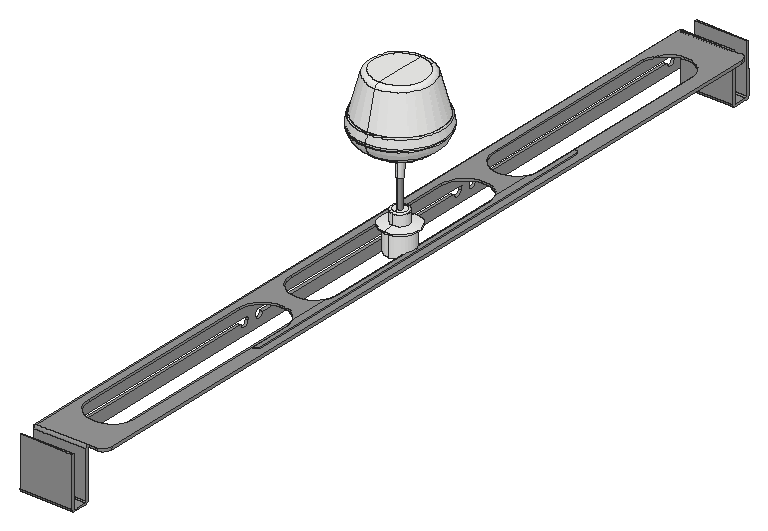
Revit family "PARLÉ TCM-1 Pendant Microphone_rev2", category Communication Devices, host Face, Revit 2019
Family settings
  Host = Face
  Maintain Annotation Orientation = No
  Round Connector Dimension = Use Diameter
  Part Type = Normal
  Cut with Voids When Loaded = No
  Shared = Yes
  Room Calculation Point = Yes
Parameters (values of type "PARLÉ™ TCM-1EX Pendant Microphone - White")
  Width = 0' - 2 1/2"
  Weight Product = 0.4
  Trim = Stainless Steel, Brushed
  Tile Bridge [instance] = yes
  SNR (at 1kHz 94dBSPL A-Weighted) = "> 70dB"
  Room Acoustics Examples URL = "https://support.biamp.com/Tesira/Parle_microphones/Parle_ceiling_microphone_calculator/Sample_recordings"  # constant formula
  Product Page URL = "https://www.biamp.com/products/product-families/parle/parle-microphones#parle-tcm-1"
  Product Documentation Link = "https://downloads.biamp.com/assets/docs/default-source/data-sheets/biamp_data_sheet_parle_tcm-1_jul19.pdf?sfvrsn=d3006c31_26&_ga=2.176611173.1990077202.1620849750-121540068.1620849750"
  Poor Acoustics Coverage Area [instance] = no
  Poor [instance] = if(not((CeilingHeight - Drop from Ceiling - 4' 0") < 5' 2"), 0' 0 3/32", (sqrt((5' 0" ^ 2 - (CeilingHeight - Cable Drop - 4' 0") ^ 2))))  # 0' - 0 3/32"
  Polar Pattern = "Beamformed"
  Part Number = "Parlé TCM-1"
  Model = "Parlé TCM-1EX - White"
  Microphone Technology = "8-Element Digital Array"
  Mic Grille Finish = Wear Resistant Textured White
  Maximum SPL (less than 1% THD) = "106dB"
  Manufacturer URL = "https://www.biamp.com/"
  Manufacturer = "Biamp Systems"
  Height = 0' - 2"
  Great Acoustics Coverage Area [instance] = no
  Great [instance] = if(not((CeilingHeight - Drop from Ceiling - 4' 0") < 10' 0"), 0' 0 3/64", (sqrt((10' 0" ^ 2 - (CeilingHeight - Cable Drop - 4' 0") ^ 2))))  # 6' - 5.04544"
  Good Acoustics Coverage Area [instance] = yes
  Good [instance] = if(not((CeilingHeight - Drop from Ceiling - 4' 0") < 8' 0"), 0' 0 1/16", (sqrt((8' 0" ^ 2 - (CeilingHeight - Cable Drop - 4' 0") ^ 2))))  # 2' - 3.42262"
  Frequency Response = "150 Hz - 16 kHz: ± 3dB"
  Fair Acoustics Coverage Area [instance] = no
  Fair [instance] = if(not((CeilingHeight - Drop from Ceiling - 4' 0") < 6' 6"), 0' 0 5/64", (sqrt((6' 6" ^ 2 - (CeilingHeight - Cable Drop - 4' 0") ^ 2))))  # 0' - 0 5/64"
  Excellent Acoustics Coverage Area [instance] = no
  Excellent [instance] = if(not((CeilingHeight - Drop from Ceiling - 4' 0") < 13' 0"), 0' 0 1/32", (sqrt((13' 0" ^ 2 - (CeilingHeight - Cable Drop - 4' 0") ^ 2))))  # 10' - 5.98413"
  Dynamic Range = "92dB, A-Weighted"
  Drop from Ceiling [instance] = if(Cable Drop < 0' 3", 0' 3", if(Cable Drop > 10' 0", 10' 0", Cable Drop))  # 0' - 4"
  Description = "Beamtracking Pendant Expansion Microphone (Mic only. Must be used with TCM-1 mic system. Cost for expansion mic only)"
  Depth = 0' - 2 1/2"
  Default Elevation = 0' - 0"
  Connector = "Custom 2-pin (cable length 10 feet [3 meters])"
  CeilingHeight [instance] = 12' - 0"
  Case Finish = Wear Resistant Textured White
  Cable Finish = Plastic, Opaque White
  Cable Drop [instance] = 0' - 4"
Types (4): name | Model | Mic Grille Finish | Great | Good | Fair | Excellent | Drop from Ceiling | Description | Case Finish | Cable Finish | Cable Drop
  PARLÉ™ TCM-1 Pendant Microphone - White | "Parlé TCM-1 - White" | Wear Resistant Textured White | 8' - 0" | 5' - 3.49803" | 2' - 6" | 11' - 6.39075" | 2' - 0" | "Beamtracking Pendant Microphone (Mic only. Requires TCM-1 Network Box. See TCM-1/TCM1A/TCM-1EX Network Box for additional data. Refer to Network Box for package pricing)." | Wear Resistant Textured White | Plastic, Opaque White | 2' - 0"
  PARLÉ™ TCM-1EX Pendant Microphone - Black | "Parlé TCM-1EX - Black" | Wear Resistant Textured Black | 6' - 5.04544" | 2' - 3.42262" | 0' - 0 5/64" | 10' - 5.98413" | 0' - 4" | "Beamtracking Pendant Expansion Microphone (Mic only. Must be used with TCM-1 mic system. Cost for expansion mic only)" | Wear Resistant Textured Black | Plastic, Opaque Black | 0' - 4"
  PARLÉ™ TCM-1 Pendant Microphone - Black | "Parlé TCM-1 - Black" | Wear Resistant Textured Black | 8' - 0" | 5' - 3.49803" | 2' - 6" | 11' - 6.39075" | 2' - 0" | "Beamtracking Pendant Microphone (Mic only. Requires TCM-1 Network Box. See TCM-1/TCM1A/TCM-1EX Network Box for additional data. Refer to Network Box for package pricing)." | Wear Resistant Textured Black | Plastic, Opaque Black | 2' - 0"
  PARLÉ™ TCM-1EX Pendant Microphone - White | "Parlé TCM-1EX - White" | Wear Resistant Textured White | 6' - 5.04544" | 2' - 3.42262" | 0' - 0 5/64" | 10' - 5.98413" | 0' - 4" | "Beamtracking Pendant Expansion Microphone (Mic only. Must be used with TCM-1 mic system. Cost for expansion mic only)" | Wear Resistant Textured White | Plastic, Opaque White | 0' - 4"
Reference planes (in)
  plane 1 "Center (Front/Back)": y = 0
  plane 2: z = 0
  plane 3 "Center (Left/Right)": x = 0
  plane 4 "Ceiling Offset": z = 0.41198
Forms (in)
  Revolve 1, solid, material "Wear Resistant Textured White" <- "Case Finish"
    sketch origin (0, 0, -0.2186) x (0, 1, 0) y (0, 0, 1)
      loop
        line (0, 2.48589) -> (1.09649, 2.48589)
        arc (1.09649, 2.48589) -> (1.18247, 2.61961) -> (1.24713, 2.76484) r 1.0428
        line (1.24713, 2.76484) -> (1.24028, 2.79704) -> (0, 2.79704) -> (0, 2.48589)
      axis (0, 2.48589) -> (0, 2.79704)
    angle from 0 to 360
  Revolve 2, solid, material "Wear Resistant Textured White" <- "Case Finish"
    sketch origin (0, 0, 0) x (0, 1, 0) y (0, 0, 1)
      loop
        line (0, -0.68065) -> (0.40262, -0.68065) -> (0.40262, 0) -> (0.54374, 0) -> (0.54374, 0.03125)
        arc (0.54374, 0.03125) -> (0.39751, 0.06164) -> (0.24969, 0.083) r 2.43083
        line (0.24969, 0.083) -> (0.24969, 0.37242)
        arc (0.24969, 0.37242) -> (0.23773, 0.40129) -> (0.20885, 0.41325) r 0.04084
        line (0.20885, 0.41325) -> (0, 0.41325) -> (0, -0.68065)
      axis (0, -0.68065) -> (0, 0.41325)
    angle from 0 to 360
  Revolve 3, solid, material "Wear Resistant Textured White" <- "Case Finish"
    sketch origin (0, 0, -0.2186) x (0, 1, 0) y (0, 0, 1)
      loop
        arc (0.90114, 2.33476) -> (0.97659, 2.4075) -> (1.04615, 2.48589) r 1.34451
        line (1.04615, 2.48589) -> (0, 2.48589) -> (0, 1.455) -> (0.0929, 1.455) -> (0.12068, 2.19564)
        arc (0.12068, 2.19564) -> (0.13257, 2.2222) -> (0.15955, 2.23308) r 0.03889
        line (0.15955, 2.23308) -> (0.23627, 2.23308)
        arc (0.23627, 2.23308) -> (0.27817, 2.25171) -> (0.2924, 2.29531) r 0.05642
        line (0.2924, 2.29531) -> (0.79761, 2.29531)
        arc (0.79761, 2.29531) -> (0.85301, 2.30551) -> (0.90114, 2.33476) r 0.15557
      axis (0, 1.455) -> (0, 2.48589)
    angle from 0 to 360
  Revolve 4, solid, material "Plastic, Opaque White" <- "Cable Finish"
    sketch origin (0, 0, 0) x (0, 1, 0) y (0, 0, 1)
      loop
        line (0.0635, 1.2364) -> (0, 1.2364) -> (0, 0.41325) -> (0.0635, 0.41325) -> (0.0635, 1.2364)
      axis (0, 0.41325) -> (0, 1.2364)
    angle from 0 to 360
  Revolve 5, solid, material "Wear Resistant Textured White" <- "Case Finish"
    sketch origin (0, 0, -0.2186) x (0, 1, 0) y (0, 0, 1)
      loop
        line (1.24028, 2.79704) -> (1.24966, 2.83205) -> (1.21417, 3.08461)
        arc (1.21417, 3.08461) -> (1.20905, 3.10084) -> (1.1937, 3.1082) r 0.02138
        line (1.1937, 3.1082) -> (0, 3.1082) -> (0, 2.79704) -> (1.24028, 2.79704)
      axis (0, 2.79704) -> (0, 3.1082)
    angle from 0 to 360
  Revolve 6, solid, material "Wear Resistant Textured White" <- "Mic Grille Finish"
    sketch origin (0, 0, -0.2186) x (0, 1, 0) y (0, 0, 1)
      loop
        arc (1.17065, 3.1082) -> (1.05824, 3.62021) -> (0.89516, 4.1184) r 5.23227
        arc (0.89516, 4.1184) -> (0.83804, 4.19087) -> (0.74992, 4.21823) r 0.15558
        line (0.74992, 4.21823) -> (0, 4.21823) -> (0, 3.1082) -> (1.17065, 3.1082)
      axis (0, 3.1082) -> (0, 4.21823)
    angle from 0 to 360
  Revolve 7, solid, material "Wear Resistant Textured White" <- "Case Finish", not visible
    sketch origin (0, 0, 0) x (0, 1, 0) y (0, 0, 1)
      loop
        line (0, 2.48589) -> (1.09649, 2.48589)
        arc (1.09649, 2.48589) -> (1.18247, 2.61961) -> (1.24713, 2.76484) r 1.0428
        line (1.24713, 2.76484) -> (1.24028, 2.79704) -> (0, 2.79704) -> (0, 2.48589)
      axis (0, 2.48589) -> (0, 2.79704)
    angle from 0 to 360
  Revolve 8, solid, material "Wear Resistant Textured White" <- "Case Finish", not visible
    sketch origin (0, 0, 0) x (0, 1, 0) y (0, 0, 1)
      loop
        arc (0.90114, 2.33476) -> (0.97659, 2.4075) -> (1.04615, 2.48589) r 1.34451
        line (1.04615, 2.48589) -> (0, 2.48589) -> (0, 1.455) -> (0.0929, 1.455) -> (0.12068, 2.19564)
        arc (0.12068, 2.19564) -> (0.13257, 2.2222) -> (0.15955, 2.23308) r 0.03889
        line (0.15955, 2.23308) -> (0.23627, 2.23308)
        arc (0.23627, 2.23308) -> (0.27817, 2.25171) -> (0.2924, 2.29531) r 0.05642
        line (0.2924, 2.29531) -> (0.79761, 2.29531)
        arc (0.79761, 2.29531) -> (0.85301, 2.30551) -> (0.90114, 2.33476) r 0.15557
      axis (0, 1.455) -> (0, 2.48589)
    angle from 0 to 360
  Revolve 9, solid, material "Wear Resistant Textured White" <- "Case Finish", not visible
    sketch origin (0, 0, 0) x (0, 1, 0) y (0, 0, 1)
      loop
        line (1.24028, 2.79704) -> (1.24966, 2.83205) -> (1.21417, 3.08461)
        arc (1.21417, 3.08461) -> (1.20905, 3.10084) -> (1.1937, 3.1082) r 0.02138
        line (1.1937, 3.1082) -> (0, 3.1082) -> (0, 2.79704) -> (1.24028, 2.79704)
      axis (0, 2.79704) -> (0, 3.1082)
    angle from 0 to 360
  Revolve 10, solid, material "Wear Resistant Textured White" <- "Mic Grille Finish", not visible
    sketch origin (0, 0, 0) x (0, 1, 0) y (0, 0, 1)
      loop
        arc (1.17065, 3.1082) -> (1.05824, 3.62021) -> (0.89516, 4.1184) r 5.23227
        arc (0.89516, 4.1184) -> (0.83804, 4.19087) -> (0.74992, 4.21823) r 0.15558
        line (0.74992, 4.21823) -> (0, 4.21823) -> (0, 3.1082) -> (1.17065, 3.1082)
      axis (0, 3.1082) -> (0, 4.21823)
    angle from 0 to 360
Lines and regions (in)
  reference lines
    curve 1: line (0, -2.73711, 1.2364) -> (0, 2.51289, 1.2364)
    curve 2: line (0, 0, 4) -> (0, 2.51289, 4)
    curve 3: line (0, 5.62811, -0.5) -> (0, -5.37189, -0.5)
  symbolic lines, visible <- "Poor Acoustics Coverage Area"
    curve 4: circle (0, 0, 0) r 0.09375 normal (0, 0, 1)
  symbolic lines, visible <- "Great Acoustics Coverage Area"
    curve 5: circle (0, 0, 0) r 0.07813 normal (0, 0, 1)
  symbolic lines, visible <- "Good Acoustics Coverage Area"
    curve 6: circle (0, 0, 0) r 27.42262 normal (0, 0, 1)
  symbolic lines, visible <- "Fair Acoustics Coverage Area"
    curve 7: circle (0, 0, 0) r 77.04544 normal (0, 0, 1)
  symbolic lines, visible <- "Excellent Acoustics Coverage Area"
    curve 8: circle (0, 0, 0) r 125.98413 normal (0, 0, 1)
Dimensions and locks (in)
  locked: plane 4 "Ceiling Offset" to plane 2 at 0.41198
  "Drop from Ceiling": curve 2 to level
  locked: curve 2 to curve 1 at 2.7636
  locked: curve 3 to level at 0.5
  "Poor": radius of curve 4
  "Fair": radius of curve 5
  "Great": radius of curve 7
  "Good": radius of curve 6
  "Excellent": radius of curve 8
  aligned and locked: plane 2 to host face
  aligned and locked: level to host face
  aligned and locked: Revolve 3 to Revolve 4
  aligned and locked: Revolve 1 to Revolve 5
  aligned and locked: Revolve 5 to Revolve 6
  aligned and locked: curve 1 to Revolve 3  (x3)
  aligned and locked: curve 1 to Revolve 4  (x2)
Automatic sketch dimensions
  host sketch curve to host sketch curve = 0' - 4.03336"
  host sketch curve to host sketch curve = 0' - 3.30037"
  Revolve 2 sketch curve to plane 1 "Center (Front/Back)" = 0' - 0"  (x2)
  Revolve 2 sketch curve to level = 0' - 0"
  plane 1 "Center (Front/Back)" to Revolve 2 sketch curve = 0' - 0.02384"
  Revolve 2 sketch curve to plane 4 "Ceiling Offset" = 0' - 0.03957"
  Revolve 2 sketch curve to plane 1 "Center (Front/Back)" = 0' - 0.20885"
  Revolve 2 sketch curve to Revolve 2 sketch curve = 0' - 0.04084"
  Revolve 2 sketch curve to Revolve 2 sketch curve = 0' - 0.40262"
  Revolve 2 sketch curve to Revolve 2 sketch curve = 0' - 0.14112"
  Revolve 2 sketch curve to level = 0' - 0.68065"
  Revolve 2 sketch curve to Revolve 2 sketch curve = 0' - 1.65174"
  Revolve 2 sketch curve to Revolve 2 sketch curve = 0' - 0 1/32"
  Revolve 2 sketch curve to Revolve 2 sketch curve = 0' - 0"
  Revolve 2 sketch curve to Revolve 2 sketch curve = 0' - 0.12764"
  Revolve 4 sketch curve to plane 1 "Center (Front/Back)" = 0' - 0"  (x2)
  plane 4 "Ceiling Offset" to Revolve 4 sketch curve = 0' - 0.00127"
  Revolve 4 sketch curve to Revolve 4 sketch curve = 0' - 0.0635"
  Revolve 4 sketch curve to Revolve 4 sketch curve = 0' - 0.82315"
  Revolve 4 sketch curve to Revolve 4 sketch curve = 0' - 0"
  Revolve 4 sketch curve to Revolve 4 sketch curve = 0' - 0.38793"
  curve 4 to curve 5 = 0' - 0"  (x2)
  curve 4 to curve 6 = 0' - 0"  (x2)
  curve 4 to curve 7 = 0' - 0"  (x2)
  curve 4 to curve 8 = 0' - 0"  (x2)
  plane 1 "Center (Front/Back)" to curve 5 = 0' - 0"
  curve 5 to plane 3 "Center (Left/Right)" = 0' - 0"
  curve 2 to plane 1 "Center (Front/Back)" = 0' - 0"
  plane 1 "Center (Front/Back)" to curve 1 = 0' - 2.73711"
  curve 3 to curve 1 = 0' - 2.63478"
  curve 2 to curve 2 = 0' - 2.51289"
  curve 1 to plane 1 "Center (Front/Back)" = 0' - 2.51289"
  curve 1 to curve 3 = 0' - 3.11522"
Nested families (in)
  nested 1: "PARLÉ Tile Bridge_rev0" at (0.29528, 0, -0.5) x (0, -1, 0) z (0, 0, -1), visible <- "Tile Bridge", type "TB-1"
Connectors (in)
  electrical at (0, 0, 0)
    settings: on Revolve 2, index 1, voltage 0 V, apparent load 0 VA, apparent load phase1 0 VA, apparent load phase2 0 VA, apparent load phase3 0 VA, power factor 1, load classification "Other", number of poles 1, system type 5, power factor state 1, is connector primary yes, connector utility no, sub classification motor no, connector description "Biamp Mic Connection - RJ45"
Definition of nested family "PARLÉ Tile Bridge_rev0"
  Parameters (values of type "TB-1")
    Width = 0' - 2.04724"
    Product Page URL = ""
    Product Documentation Link = ""
    Part Number = "TB-1"
    Model = "TB-1"
    Manufacturer URL = "https://www.biamp.com/"
    Manufacturer = "Biamp Systems"
    Height = 0' - 1.49606"
    Description = "Parle Tile Bridge"
    Depth = 0' - 0 77/128"
    Default Elevation = 4' - 0"
  Reference planes (in)
    plane 1 "Center (Front/Back)": y = 0
    plane 2: z = 0
    plane 3 "Center (Left/Right)": x = 0
    plane 4: x = -12
    plane 5: x = 12
  Forms (in)
    Extrusion 1, solid
      sketch origin (0, 0, 0) x (1, 0, 0) y (0, 1, 0)
        loop
          line (-48, 48) -> (-48, -48) -> (48, -48) -> (48, 48) -> (-48, 48)
      from 0 to -12
    Extrusion 2, solid
      sketch origin (0, 0, 0) x (1, 0, 0) y (0, 0, 1)
        loop
          arc (11.595, 0) -> (11.65103, 0.02318) -> (11.6743, 0.07917) r 0.0793
          line (11.6743, 0.07917) -> (11.6743, 1.4169)
          arc (11.6743, 1.4169) -> (11.68352, 1.43917) -> (11.7058, 1.4484) r 0.0315
          line (11.7058, 1.4484) -> (12.09843, 1.4484)
          arc (12.09843, 1.4484) -> (12.12071, 1.43917) -> (12.12993, 1.4169) r 0.0315
          line (12.12993, 1.4169) -> (12.12993, 0) -> (12.17773, 0) -> (12.17773, 1.4168)
          arc (12.17773, 1.4168) -> (12.15457, 1.47291) -> (12.09852, 1.4962) r 0.0793
          line (12.09852, 1.4962) -> (11.70588, 1.4962)
          arc (11.70588, 1.4962) -> (11.64976, 1.47301) -> (11.6265, 1.4169) r 0.0793
          line (11.6265, 1.4169) -> (11.6265, 0.0793)
          arc (11.6265, 0.0793) -> (11.61727, 0.05703) -> (11.595, 0.0478) r 0.0315
          line (11.595, 0.0478) -> (-11.595, 0.0478)
          arc (-11.595, 0.0478) -> (-11.61727, 0.05703) -> (-11.6265, 0.0793) r 0.0315
          line (-11.6265, 0.0793) -> (-11.6265, 1.4169)
          arc (-11.6265, 1.4169) -> (-11.64969, 1.47294) -> (-11.70571, 1.4962) r 0.0793
          line (-11.70571, 1.4962) -> (-12.09852, 1.4962)
          arc (-12.09852, 1.4962) -> (-12.15457, 1.47291) -> (-12.17773, 1.4168) r 0.0793
          line (-12.17773, 1.4168) -> (-12.17773, 0) -> (-12.12993, 0) -> (-12.12993, 1.4169)
          arc (-12.12993, 1.4169) -> (-12.12071, 1.43917) -> (-12.09843, 1.4484) r 0.0315
          line (-12.09843, 1.4484) -> (-11.7058, 1.4484)
          arc (-11.7058, 1.4484) -> (-11.68352, 1.43917) -> (-11.6743, 1.4169) r 0.0315
          line (-11.6743, 1.4169) -> (-11.6743, 0.07917)
          arc (-11.6743, 0.07917) -> (-11.65103, 0.02318) -> (-11.595, 0) r 0.0793
          line (-11.595, 0) -> (11.595, 0)
      from -1.4962 to 0
    Extrusion 3, solid
      sketch origin (0, 0, 0) x (1, 0, 0) y (0, 1, 0)
        loop
          arc (-5.79697, -0.11148) -> (-5.76026, -0.1997) -> (-5.67197, -0.23622) r 0.125
          line (-5.67197, -0.23622) -> (5.67197, -0.23622)
          arc (5.67197, -0.23622) -> (5.76026, -0.1997) -> (5.79697, -0.11148) r 0.125
          line (5.79697, -0.11148) -> (5.79697, 0) -> (-5.79697, 0) -> (-5.79697, -0.11148)
      from 0 to 0.0478
    Extrusion 4, solid
      sketch origin (0, 0, 0) x (1, 0, 0) y (0, 0, 1)
        loop
          line (-11.595, 0.98434) -> (-11.595, 0.0478) -> (11.595, 0.0478) -> (11.595, 0.98434) -> (-11.595, 0.98434)
        loop
          arc (11.39278, 0.65557) -> (11.25891, 0.79332) -> (11.11739, 0.66345) r 0.13781
          line (11.11739, 0.66345) -> (4.23835, 0.66345)
          arc (4.23835, 0.66345) -> (4.09683, 0.79332) -> (3.96296, 0.65557) r 0.13781
          line (3.96296, 0.65557) -> (3.96296, 0.59061)
          arc (3.96296, 0.59061) -> (3.9843, 0.5391) -> (4.0358, 0.51776) r 0.07284
          line (4.0358, 0.51776) -> (11.31994, 0.51776)
          arc (11.31994, 0.51776) -> (11.37144, 0.5391) -> (11.39278, 0.59061) r 0.07284
          line (11.39278, 0.59061) -> (11.39278, 0.65557)
        loop
          arc (3.71491, 0.65557) -> (3.58104, 0.79332) -> (3.43952, 0.66345) r 0.13781
          line (3.43952, 0.66345) -> (-3.43952, 0.66345)
          arc (-3.43952, 0.66345) -> (-3.58104, 0.79332) -> (-3.71491, 0.65557) r 0.13781
          line (-3.71491, 0.65557) -> (-3.71491, 0.59061)
          arc (-3.71491, 0.59061) -> (-3.69357, 0.5391) -> (-3.64207, 0.51776) r 0.07284
          line (-3.64207, 0.51776) -> (3.64207, 0.51776)
          arc (3.64207, 0.51776) -> (3.69357, 0.5391) -> (3.71491, 0.59061) r 0.07284
          line (3.71491, 0.59061) -> (3.71491, 0.65557)
        loop
          arc (-3.96296, 0.65557) -> (-4.09683, 0.79332) -> (-4.23835, 0.66345) r 0.13781
          line (-4.23835, 0.66345) -> (-11.11739, 0.66345)
          arc (-11.11739, 0.66345) -> (-11.25891, 0.79332) -> (-11.39278, 0.65557) r 0.13781
          line (-11.39278, 0.65557) -> (-11.39278, 0.59061)
          arc (-11.39278, 0.59061) -> (-11.37144, 0.5391) -> (-11.31994, 0.51776) r 0.07284
          line (-11.31994, 0.51776) -> (-4.0358, 0.51776)
          arc (-4.0358, 0.51776) -> (-3.9843, 0.5391) -> (-3.96296, 0.59061) r 0.07284
          line (-3.96296, 0.59061) -> (-3.96296, 0.65557)
      from -1.4962 to -1.5755
    Extrusion 5, solid
      sketch origin (0, 0, 0) x (1, 0, 0) y (0, 1, 0)
        loop
          arc (-11.595, -0.22298) -> (-11.52159, -0.39944) -> (-11.34498, -0.47248) r 0.25002
          line (-11.34498, -0.47248) -> (11.34498, -0.47248)
          arc (11.34498, -0.47248) -> (11.52159, -0.39944) -> (11.595, -0.22298) r 0.25002
          line (11.595, -0.22298) -> (11.595, 0) -> (-11.595, 0) -> (-11.595, -0.22298)
      from 0 to 0.0625
    Extrusion 6, void
      sketch origin (0, 0, 0) x (1, 0, 0) y (0, 1, 0)
        loop
          arc (-9.99224, 1.27817) -> (-10.68011, 0.59069) -> (-9.99242, -0.09696) r 0.68756
          line (-9.99242, -0.09696) -> (-4.57558, -0.09696)
          arc (-4.57558, -0.09696) -> (-3.88815, 0.59082) -> (-4.57602, 1.27817) r 0.68756
          line (-4.57602, 1.27817) -> (-9.99224, 1.27817)
        loop
          line (-2.70828, -0.09696) -> (2.70855, -0.09696)
          arc (2.70855, -0.09696) -> (3.39598, 0.59052) -> (2.70872, 1.27817) r 0.68756
          line (2.70872, 1.27817) -> (-2.70811, 1.27817)
          arc (-2.70811, 1.27817) -> (-3.39598, 0.59069) -> (-2.70828, -0.09696) r 0.68756
        loop
          arc (4.57602, 1.27817) -> (3.88815, 0.59069) -> (4.57585, -0.09696) r 0.68756
          line (4.57585, -0.09696) -> (9.99268, -0.09696)
          arc (9.99268, -0.09696) -> (10.68011, 0.59082) -> (9.99224, 1.27817) r 0.68756
          line (9.99224, 1.27817) -> (4.57602, 1.27817)
      from -0.20054 to 0.0478
  Cuts and joins
    Extrusion 6 cuts Extrusion 3
    Extrusion 6 cuts Extrusion 4
    joined: Extrusion 3, Extrusion 4
    Extrusion 6 cuts Extrusion 2
    Extrusion 6 cuts Extrusion 5
    joined: Extrusion 2, Extrusion 5
  Dimensions and locks (in)
    plane 5 to plane 3 "Center (Left/Right)" to plane 4 = 1' - 0", 1' - 0"
    aligned and locked: plane 2 to Extrusion 1
    aligned and locked: level to Extrusion 1
